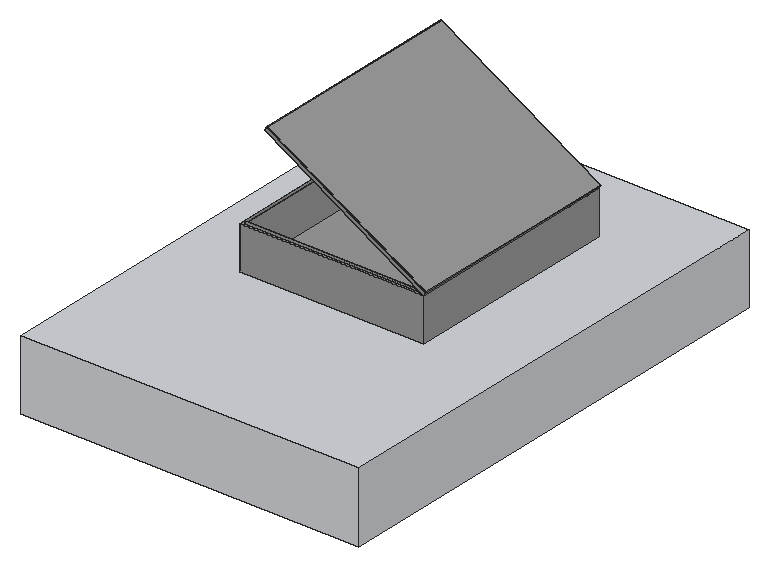
Revit family "Hager-Univers-IP54-D205-H950-Cl.I-Encl-CH-it", category Equipement électrique, Revit 2020
Family settings
  Hôte = Face
  Configuration du panneau = Deux colonnes, circuits au sein
  Cote de connecteur circulaire = Utiliser le diamètre
  Type d'élément = Tableau de raccordement
  Couper avec des vides une fois chargée = Non
  Partagée = Non
  Point de calcul de pièce = Non
Parameters (values of type "A parete IP54 L800 A950 P205  - FP63TW2")
  Width Control [instance] = if([EF000008 - Larghezza] > Min Width, [EF000008 - Larghezza], Min Width)  # 800 mm
  Commentaires du type = [HG000003 - Gamma]  # "Univers"
  Thickness Door [instance] = if([EF009171 - spessore materiale porta/coperchio] > 3 mm, 3 mm, [EF009171 - spessore materiale porta/coperchio])  # 1 mm
  Seal Frame Offset [instance] = 17 mm  # constant formula
  Plinth Visibility [instance] = [HG000027 - Altezza dello zoccolo] > 0 mm  # no
  Model = ""
  Min Width [instance] = 100 mm  # constant formula
  Min Height [instance] = 100 mm  # constant formula
  Min Depth [instance] = (2 * [EF009170 - spessore materiale scatola]) + 1 mm  # 3 mm
  Internal Frame Depth [instance] = (Door System Depth * 0.5)  # 9 mm
  Height Control [instance] = if([EF000040 - Altezza] > Min Height, [EF000040 - Altezza], Min Height)  # 950 mm
  HG000027 - Altezza dello zoccolo = 0 mm
  HG000026 - A pavimento = no
  HG000024 - Altezza della sezione inferiore = 800 mm
  HG000023 - Custodia a doppia sezione = no
  HG000016 - Visibilità delle porte nella vista 3D [instance] = yes
  HG000015 - Visibilità attraverso la porta [instance] = no
  HG000014 - Porta destra [instance] = yes
  HG000013 - Porta sinistra [instance] = not([HG000014 - Porta destra])  # no
  HG000012 - Angolo di apertura della porta [instance] = 30.00°
  HG000010 - Porte asimmetriche = no
  HG000009 - Porta doppia a battente = no
  HG000006 - Ad incasso = no
  HG000004 - Codice produttore = "FP63TW2"
  HG000003 - Gamma = "Univers"
  HG000002 - Con porta = yes
  Frame Offset Bottom [instance] = 10 mm  # constant formula
  Frame Offset [instance] = 15 mm  # constant formula
  EF015940 - Coprire con rilascio di sovrapressione = no
  EF011959 - tipo di protezione (NEMA) = ""
  EF009554 - numero delle aperture per la piastra della flangia = 6
  Fabricant = "Hager"  # constant formula
  EF009212 - esecuzione coperchio = "EV000116 - chiuso"
  EF009171 - spessore materiale porta/coperchio = 1 mm
  EF009170 - spessore materiale scatola = 1 mm
  EF008873 - corrente nominale (In) = 250 A
  EF007800 - adatto per parafulmine = no
  EF006306 - con serratura = no
  EF006244 - coperchio/porta trasparente = no
  EF005474 - grado di protezione (IP) = "EV006419 - IP54"
  EF004464 - tipo di porta = "EV002646 - singolo"
  EF004427 - numero di moduli = 216
  EF004293 - resistenza agli urti = "EV006815 - IK09"
  EF003532 - adatto per uso esterno = no
  EF002950 - Numero moduli DIN = 36
  EF001613 - Integrità del circuito = "EV000494 - senza"
  EF001596 - Attacco Lampada = "EV000179 - acciaio"
  EF001131 - profondità interna = 130 mm
  EF001088 - possibilità di applicazione = yes
  EF000437 - numero di ingressi per conduttori = 6
  EF000339 - tipo di copertura = "EV001012 - coperchio"
  EF000266 - numero di file = 6
  EF000218 - profondità di incasso = 205 mm
  EF000118 - con piastra di montaggio = no
  EF000116 - numero RAL = "9010"
  EF000049 - profondità = 205 mm
  EF000040 - Altezza = 950 mm
  EF000008 - Larghezza = 800 mm
  EF000007 - colore = "EV000202 - bianco"
  EF000003 - Tipo di montaggio = "EV000384 - A parete"
  Door System Leaf Tolerance [instance] = 1.5 mm  # constant formula
  Door System Depth [instance] = 18 mm  # constant formula
  Door Height [instance] = Height Control - [HG000027 - Altezza dello zoccolo]  # 950 mm
  Depth Control [instance] = if([EF000049 - profondità] > Min Depth, [EF000049 - profondità], Min Depth)  # 205 mm
  Default Elevation = 0 mm
  Connector Offset [instance] = Height Control / 2  # 475 mm
  Bottom Top Plate Trim [instance] = 1.5 mm  # constant formula
  Plinth height Ctrl [instance] = if([HG000027 - Altezza dello zoccolo] > 0 mm, [HG000027 - Altezza dello zoccolo], 12 mm)  # 12 mm
Types (5, lengths in mm): name | Width Control | HG000004 - Codice produttore | EF009554 - numero delle aperture per la piastra della flangia | EF004464 - tipo di porta | EF004427 - numero di moduli | EF002950 - Numero moduli DIN | EF000437 - numero di ingressi per conduttori | EF000008 - Larghezza
  A parete IP54 L1050 A950 P205  - FP64TW2 | 1050 | "FP64TW2" | 8 | "EV003602 - doppio" | 288 | 48 | 8 | 1050
  A parete IP54 L1300 A950 P205  - FP65TW2 | 1300 | "FP65TW2" | 10 | "EV003602 - doppio" | 360 | 60 | 10 | 1300
  A parete IP54 L300 A950 P205  - FP61TW2 | 300 | "FP61TW2" | 2 | "EV002646 - singolo" | 72 | 12 | 2 | 300
  A parete IP54 L550 A950 P205  - FP62TW2 | 550 | "FP62TW2" | 4 | "EV002646 - singolo" | 144 | 24 | 4 | 550
  A parete IP54 L800 A950 P205  - FP63TW2 | 800 | "FP63TW2" | 6 | "EV002646 - singolo" | 216 | 36 | 6 | 800
Reference planes
  plane 1 "Center (Front/Back)": y = 0
  plane 2: z = 0
  plane 3 "Center (Left/Right)": x = 0
  plane 4: z = 205
  plane 5: y = 1
  plane 6: y = 475
  plane 7: y = 0
  plane 8: y = 950
  plane 9: z = 0
  plane 10: x = -385
  plane 11: x = 385
  plane 12: x = 384
  plane 13: x = -384
  plane 14: y = 949
  plane 15: x = -383
  plane 16: x = -400
  plane 17: x = 383
  plane 18: x = 400
  plane 19: x = 399
  plane 20: x = -399
  plane 21: y = 11
  plane 22: y = 950
  plane 23: y = 934
  plane 24: z = 187
  plane 25: z = 1
  plane 26: z = 186
  plane 27: z = 204
Forms (mm)
  Extrusion 1, solid
    sketch origin (0, 0, 0) x (1, 0, 0) y (0, 1, 0)
      loop
        line (-702.964, 1305) -> (-702.964, -811.445) -> (766.763, -811.445) -> (766.763, 1305) -> (-702.964, 1305)
    from 0 to -304.8
  Extrusion 2, solid, material "Hager_Steel_RAL7035_Light_Grey", visible <- "Plinth Visibility", detail levels medium+fine
    sketch origin (0, 0, 0) x (1, 0, 0) y (0, 1, 0)
      loop
        line (-400, 0) -> (400, 0) -> (400, 12) -> (-400, 12) -> (-400, 0)
    from 0 to 187
  Extrusion 3, solid, material "Hager_Steel_RAL7035_Light_Grey", detail levels medium+fine
    sketch origin (0, 0, 0) x (1, 0, 0) y (0, 1, 0)
      loop
        line (-400, 0) -> (400, 0) -> (400, 950) -> (-400, 950) -> (-400, 0)
    from 0 to 187
  Extrusion 4, void
    sketch origin (0, 0, 0) x (1, 0, 0) y (0, 1, 0)
      loop
        line (-399, 1) -> (399, 1) -> (399, 949) -> (-399, 949) -> (-399, 1)
    from 1 to 186
  Extrusion 5, void
    sketch origin (-381.607, -4572, 187) x (0, -1, 0) y (-1, 0, 0)
      loop
        line (-4583, 2.393) -> (-5506, 2.393) -> (-5506, -765.607) -> (-4583, -765.607) -> (-4583, 2.393)
    from 0 to 1 <- "EF009170 - spessore materiale scatola"
  Extrusion 6, solid, material "Hager_Steel_RAL7035_Light_Grey", detail levels fine
    sketch origin (0, 0, 187) x (1, 0, 0) y (0, 1, 0)
      loop
        line (-384, 934) -> (-384, 11) -> (384, 11) -> (384, 934) -> (-384, 934)
      loop
        line (-385, 10) -> (385, 10) -> (385, 935) -> (-385, 935) -> (-385, 10)
    from 0 to 9 <- "Internal Frame Depth"
  Extrusion 7, solid, material "Hager_Steel_RAL7035_Light_Grey", detail levels coarse
    sketch origin (0, 0, 0) x (1, 0, 0) y (0, 1, 0)
      loop
        line (-400, 0) -> (400, 0) -> (400, 950) -> (-400, 950) -> (-400, 0)
    from 0 to 205
  Sweep 8, void
    path in 3D
      loop
        line (-400, 12, 0) -> (400, 12, 0) -> (400, 12, 187) -> (-400, 12, 187) -> (-400, 12, 0)
    profile origin (-400, 12, 93.5) x (-1, 0, 0) y (0, -1, 0)
      loop
        line (0, 0) -> (0, 1.5) -> (-1.5, 1.5)
        arc (-1.5, 1.5) -> (-1.061, 0.439) -> (0, 0) r 1.5
Cuts and joins
  Extrusion 4, Extrusion 5 cuts Extrusion 3
  Sweep 8 cuts Extrusion 2
Lines and regions (mm)
  Masking region 1
    outline origin (0, 0, 0) x (1, 0, 0) y (0, 0, 1)
      loop
        line (-400, 205) -> (-400, 0) -> (400, 0) -> (400, 205) -> (-400, 205)
  Masking region 2, detail levels medium+fine
    outline origin (0, 140, 0) x (0, 1, 0) y (0, 0, 1)
      loop
        line (-140, 0) -> (810, 0) -> (810, 187) -> (-140, 187) -> (-140, 0)
  Masking region 3, not visible, detail levels medium+fine
    outline origin (0, 297.922, 0) x (0, 1, 0) y (0, 0, 1)
      loop
        line (188.578, 0) -> (228.578, 0) -> (228.578, 194)
        arc (228.578, 194) -> (225.649, 201.071) -> (218.578, 204) r 10
        line (218.578, 204) -> (188.578, 204) -> (188.578, 0)
  Masking region 4, detail levels coarse
    outline origin (0, 0, 180) x (0, 1, 0) y (0, 0, 1)
      loop
        line (0, -180) -> (950, -180) -> (950, 25) -> (0, 25) -> (0, -180)
  Masking region 5, visible <- "Plinth Visibility", detail levels medium+fine
    outline origin (0, 52.24, 12.345) x (0, 0, -1) y (0, 1, 0)
      loop
        line (10.845, -40.24) -> (-173.155, -40.24)
        arc (-173.155, -40.24) -> (-173.594, -41.301) -> (-174.655, -41.74) r 1.5
        line (-174.655, -41.74) -> (-174.655, -52.24) -> (12.345, -52.24) -> (12.345, -41.74)
        arc (12.345, -41.74) -> (11.285, -41.301) -> (10.845, -40.24) r 1.5
  Masking region 6, detail levels medium+fine
    outline origin (-381.607, -4572, 187) x (-1, 0, 0) y (0, -1, 0)
      loop
        line (18.393, -5522) -> (18.393, -4572) -> (-781.607, -4572) -> (-781.607, -5522) -> (18.393, -5522)
  Masking region 7, visible <- "Plinth Visibility", detail levels medium+fine
    outline origin (-381.607, -4727, 187) x (-1, 0, 0) y (0, -1, 0)
      loop
        arc (16.893, -4739) -> (17.332, -4737.939) -> (18.393, -4737.5) r 1.5
        line (18.393, -4737.5) -> (18.393, -4727) -> (-781.607, -4727) -> (-781.607, -4737.5)
        arc (-781.607, -4737.5) -> (-780.546, -4737.939) -> (-780.107, -4739) r 1.5
        line (-780.107, -4739) -> (16.893, -4739)
  Masking region 8, detail levels coarse
    outline origin (-442.548, -4669.526, 187) x (-1, 0, 0) y (0, -1, 0)
      loop
        line (-42.548, -5619.526) -> (-42.548, -4669.526) -> (-842.548, -4669.526) -> (-842.548, -5619.526) -> (-42.548, -5619.526)
  sketch lines
    curve 1: line (-400, 12, 187) -> (-400, 12, 0)
    curve 2: line (400, 12, 187) -> (-400, 12, 187)
    curve 3: line (400, 12, 187) -> (400, 12, 0)
    curve 4: line (-400, 12, 0) -> (400, 12, 0)
Dimensions and locks
  "Depth Control": plane 4 to Extrusion 1
  "HG000027 - Altezza dello zoccolo": plane 1 "Center (Front/Back)" to plane 7
  "EF009170 - spessore materiale scatola": plane 5 to plane 7
  locked: connector elem to plane 3 "Center (Left/Right)"
  equal spacing: plane 8, plane 6, plane 7
  locked: connector elem to plane 6
  "EF009170 - spessore materiale scatola": plane 8 to plane 14
  "EF009170 - spessore materiale scatola": plane 10 to plane 13
  "EF009170 - spessore materiale scatola": plane 12 to plane 11
  "Frame Offset": plane 20 to plane 13
  "Frame Offset": plane 12 to plane 19
  "EF009170 - spessore materiale scatola": plane 16 to plane 20
  "EF009170 - spessore materiale scatola": plane 19 to plane 18
  "Seal Frame Offset": plane 16 to plane 15
  "Seal Frame Offset": plane 17 to plane 18
  "Frame Offset Bottom": plane 21 to plane 5
  "Frame Offset": plane 14 to plane 23
  equal spacing: plane 16, plane 3 "Center (Left/Right)", plane 18
  "Width Control": plane 16 to plane 18
  "EF009170 - spessore materiale scatola": plane 4 to plane 27
  "EF009170 - spessore materiale scatola": plane 24 to plane 26
  "EF009170 - spessore materiale scatola": plane 25 to level
  "Door System Depth": plane 4 to plane 24
  "Height Control": plane 1 "Center (Front/Back)" to Extrusion 7 sketch curve
  "Height Control": Masking region 4 sketch curve to plane 1 "Center (Front/Back)"
  "Height Control": plane 1 "Center (Front/Back)" to plane 22
  "Bottom Top Plate Trim": profile plane to Sweep 8 sketch curve
  "Bottom Top Plate Trim": Sweep 8 sketch curve to profile plane
  "Plinth height Ctrl": plane 1 "Center (Front/Back)" to Extrusion 2 sketch curve
  "Plinth height Ctrl": Masking region 5 sketch curve to plane 1 "Center (Front/Back)"
  "Plinth height Ctrl": plane 1 "Center (Front/Back)" to Masking region 7 sketch curve
  "Thickness Door": Extrusion 6 sketch curve to Extrusion 6 sketch curve  (x3)
  "Thickness Door": cut or joined group of Extrusion 3, Extrusion 4, Extrusion 5 to Extrusion 6 sketch curve
  radius of Masking region 3 sketch curve = 10 mm
  "Bottom Top Plate Trim": radius of Masking region 5 sketch curve  (x2)
  "Bottom Top Plate Trim": radius of Sweep 8 sketch curve
  "Bottom Top Plate Trim": radius of Masking region 7 sketch curve  (x2)
  aligned and locked: plane 2 to Extrusion 1
  aligned and locked: level to Extrusion 1
  aligned and locked: level to Masking region 1 sketch curve
  aligned and locked: Masking region 1 sketch curve to plane 18
  aligned and locked: Masking region 1 sketch curve to plane 16
  aligned and locked: plane 7 to Masking region 2 sketch curve
  aligned and locked: level to Masking region 3 sketch curve
  aligned and locked: Masking region 3 sketch curve to plane 27
  aligned and locked: level to Masking region 2 sketch curve
  aligned and locked: plane 1 "Center (Front/Back)" to Extrusion 2 sketch curve
  aligned and locked: Extrusion 3 sketch curve to plane 7
  aligned and locked: plane 16 to Extrusion 3 sketch curve
  aligned and locked: plane 18 to Extrusion 3 sketch curve
  aligned and locked: plane 20 to Extrusion 4 sketch curve
  aligned and locked: plane 19 to Extrusion 4 sketch curve
  aligned and locked: Extrusion 4 sketch curve to plane 5
  aligned and locked: Extrusion 4 to plane 25
  aligned and locked: plane 26 to Extrusion 4
  aligned and locked: plane 24 to Extrusion 3
  aligned and locked: Extrusion 5 sketch curve to plane 21
  aligned and locked: Extrusion 5 sketch curve to plane 13
  aligned and locked: Extrusion 5 sketch curve to plane 12
  aligned and locked: plane 18 to Extrusion 7 sketch curve
  aligned and locked: plane 1 "Center (Front/Back)" to Extrusion 7 sketch curve
  aligned and locked: plane 16 to Extrusion 7 sketch curve
  aligned and locked: plane 4 to Extrusion 7
  aligned and locked: Extrusion 7 to level
  aligned and locked: level to Masking region 4 sketch curve
  aligned and locked: Masking region 4 sketch curve to plane 1 "Center (Front/Back)"
  aligned and locked: Masking region 4 sketch curve to plane 4
  aligned and locked: nested 1 to level
  aligned and locked: nested 1 to plane 16
  aligned and locked: plane 8 to Extrusion 3 sketch curve
  aligned and locked: plane 23 to Extrusion 5 sketch curve
  aligned and locked: plane 14 to Extrusion 4 sketch curve
  aligned and locked: Masking region 2 sketch curve to plane 8
  aligned and locked: level to Masking region 5 sketch curve
  aligned and locked: plane 16 to Extrusion 2 sketch curve
  aligned and locked: plane 18 to Extrusion 2 sketch curve
  aligned and locked: Masking region 5 sketch curve to plane 24
  aligned and locked: Masking region 2 sketch curve to plane 24
  aligned and locked: plane 24 to Extrusion 2
  aligned and locked: profile plane to Sweep 8 sketch curve  (x2)
  aligned and locked: Masking region 6 sketch curve to plane 18
  aligned and locked: Masking region 6 sketch curve to plane 22
  aligned and locked: Masking region 6 sketch curve to plane 16
  aligned and locked: plane 8 to plane 22
  aligned and locked: Masking region 6 sketch curve to plane 7
  aligned and locked: Masking region 7 sketch curve to plane 16
  aligned and locked: Masking region 7 sketch curve to plane 1 "Center (Front/Back)"
  aligned and locked: Masking region 7 sketch curve to plane 18
  aligned and locked: Masking region 8 sketch curve to plane 1 "Center (Front/Back)"
  aligned and locked: Masking region 8 sketch curve to plane 18
  aligned and locked: Masking region 8 sketch curve to plane 22
  aligned and locked: Masking region 8 sketch curve to plane 16
  aligned and locked: nested 2 to plane 7
  aligned and locked: plane 3 "Center (Left/Right)" to nested 2
  aligned and locked: nested 2 to plane 24
  aligned and locked: Extrusion 6 sketch curve to cut or joined group of Extrusion 3, Extrusion 4, Extrusion 5  (x4)
Automatic sketch dimensions
  Extrusion 1 sketch curve to Extrusion 1 sketch curve = 1469.727 mm
  Extrusion 1 sketch curve to Extrusion 1 sketch curve = 2116.445 mm
  Masking region 1 sketch curve to plane 4 = 0 mm
  plane 6 to Masking region 3 sketch curve = 11.5 mm
  Masking region 3 sketch curve to Masking region 3 sketch curve = 30 mm
  Masking region 5 sketch curve to plane 1 "Center (Front/Back)" = 0 mm
Nested families
  nested 1: "Hager_Enclosure_Symbol" at (-400, 0, 0) x (1, 0, 0) z (0, -1, 0), Height <- "Depth Control", Width <- "Width Control", type "Hager_Enclosure_Symbol"
    with Width_Ctrl 800 mm, Width 800 mm, Height_Ctrl 205 mm, Height 205 mm, A_Width_Int 13.453 mm, A_Width 161.438 mm, A_Height_Ctrl 179.375 mm, A_Height 179.375 mm
  nested 2: "EC000058_Univers_Door" at (0, 0, 187) x (1, 0, 0) z (0, 1, 0), Leaf_Tolerance <- "Door System Leaf Tolerance", Angle <- "HG000012 - Angolo di apertura della porta", Door_Depth <- "Door System Depth", Door_Left <- "HG000013 - Porta sinistra", Transparent <- "EF006244 - coperchio/porta trasparente", Assymetrical <- "HG000010 - Porte asimmetriche", Width <- "Width Control", Clearance <- "HG000015 - Visibilità attraverso la porta", Double <- "HG000009 - Porta doppia a battente", 3d_Door <- "HG000016 - Visibilità delle porte nella vista 3D", Lock_Visibility <- "EF006306 - con serratura", Width_Ctrl <- "Width Control", Door_Right <- "HG000014 - Porta destra", Door <- "HG000002 - Con porta", Height <- "Door Height", Thickness <- "Thickness Door", type "EC000058_Univers_Door", detail levels medium+fine
    with min_wh 3 mm, Width_Ctrl 800 mm, Width 800 mm, Transparent no, Thickness 1 mm, Seal_Material Hager_Rubber, Lock_Visibility no, Lock_Material Hager_Plastic_RAL9005_Jet_Black, Leaf_Width 800 mm, Leaf_Tolerance_External_Sides 0 mm, Leaf_Tolerance 1.5 mm, Leaf_Offset 0 mm, Leaf_Height 947 mm, Leaf_2_Width 800 mm, Leaf_2_Offset 400 mm, Leaf_1_Width 800 mm, Leaf_1_Offset 400 mm, Height_Ctrl 950 mm, Height 950 mm, Glass_Material Hager_Glass, Double_Clearance_Ctrl no, Double no, Door_Right_Ctrl yes, Door_Right yes, Door_Material Hager_Steel_RAL7035_Light_Grey, Door_Left_Ctrl no, Door_Left no, Door_Depth 18 mm, Door yes, Clearance_Material Hager_Clearance, Clearance_Depth 800 mm, Clearance_Ctrl no, Clearance no, Assymetrical no, Angle 30.00°, 3d_Door yes
Connectors
  electrical at (0, 475, 0)
    settings: on plane 9, index 1, voltage 0 V, apparent load 0 VA, apparent load phase1 0 VA, apparent load phase2 0 VA, apparent load phase3 0 VA, power factor 1, load classification "Other", number of poles 1, system type 30, power factor state 1, is connector primary yes, connector utility no, sub classification motor no, connector description ""
Definition of nested family "EC000058_Univers_Door"
  Parameters (values of type "EC000058_Univers_Door")
    min_wh [instance] = (2 * Thickness) + 1 mm  # 11 mm
    Width_Ctrl [instance] = 400 mm
    Width [instance] = 500 mm
    Transparent [instance] = yes
    Thickness [instance] = 5 mm
    Seal_Material [instance] = none
    Lock_Visibility [instance] = yes
    Lock_Material [instance] = none
    Leaf_Width [instance] = if((Width_Ctrl - 2 * Leaf_Tolerance_External_Sides) > 0 mm, (Width_Ctrl - 2 * Leaf_Tolerance_External_Sides), min_wh)  # 400 mm
    Leaf_Tolerance_External_Sides [instance] = 0 mm  # constant formula
    Leaf_Tolerance [instance] = 1.5 mm
    Leaf_Offset [instance] = 0 mm  # constant formula
    Leaf_Height [instance] = if((Height_Ctrl - 2 * Leaf_Tolerance) > 0 mm, (Height_Ctrl - 2 * Leaf_Tolerance), min_wh)  # 497 mm
    Leaf_2_Width [instance] = if(and(and(Double, Assymetrical), Door_Left), (Leaf_Width / 3) - (Leaf_Tolerance / 2), if(and(and(Double, Assymetrical), Door_Right), (Leaf_Width / 3) * 2 - (Leaf_Tolerance / 2), if(and(Double, not(Assymetrical)), (Leaf_Width / 2) - Leaf_Tolerance, Leaf_Width)))  # 400 mm
    Leaf_2_Offset [instance] = if(and(Double, Assymetrical), Leaf_2_Width / 2, if(and(Double, not(Assymetrical)), Leaf_Width / 4, Leaf_Width / 2))  # 200 mm
    Leaf_1_Width [instance] = if(and(and(Double, Assymetrical), Door_Right), (Leaf_Width / 3) - (Leaf_Tolerance / 2), if(and(and(Double, Assymetrical), Door_Left), (Width / 3) * 2 - (Leaf_Tolerance / 2), if(and(Double, not(Assymetrical)), (Leaf_Width / 2) - Leaf_Tolerance, Leaf_Width)))  # 400 mm
    Leaf_1_Offset [instance] = if(and(Double, Assymetrical), Leaf_1_Width / 2, if(and(Double, not(Assymetrical)), Leaf_Width / 4, Leaf_Width / 2))  # 200 mm
    Height_Ctrl [instance] = if(Height > min_wh, Height, min_wh)  # 500 mm
    Height [instance] = 500 mm
    Glass_Material [instance] = none
    Double_Clearance_Ctrl [instance] = and(Double, Clearance)  # no
    Double [instance] = no
    Door_Right_Ctrl [instance] = and(or(Door_Right, Double), Door)  # yes
    Door_Right [instance] = yes
    Door_Material [instance] = none
    Door_Left_Ctrl [instance] = and(or(Door_Left, Double), Door)  # no
    Door_Left [instance] = no
    Door_Depth [instance] = 30 mm
    Door [instance] = yes
    Default Elevation = 1219.2 mm
    Clearance_Material [instance] = none
    Clearance_Depth [instance] = if(Leaf_1_Width > Leaf_2_Width, Leaf_1_Width, Leaf_2_Width)  # 400 mm
    Clearance_Ctrl [instance] = and(not(Double), Clearance)  # yes
    Clearance [instance] = yes
    Assymetrical [instance] = yes
    Angle [instance] = 30.00°
    3d_Door [instance] = yes
  Reference planes
    plane 1 "Center (Front/Back)": y = 0
    plane 2 "Bottom": z = 0
    plane 3 "Center (Left/Right)": x = 0
    plane 4: z = 500
    plane 5: x = -200
    plane 6: x = 200
    plane 7: z = 500
    plane 8: x = -200
    plane 9: z = 0
    plane 10: x = 200
    plane 11: y = 0
    plane 12: z = 1.5
    plane 13: x = -600
    plane 14: y = -400
    plane 15: x = 600
    plane 16: x = 0
    plane 17: x = 0
    plane 18: x = -200
    plane 19: x = 200
    plane 20: z = 498.5
  Forms (mm)
    Extrusion 1, solid, material <- "Clearance_Material", visible <- "Double_Clearance_Ctrl"
      sketch origin (1200, 0, 0) x (1, 0, 0) y (0, 0, -1)
        loop
          line (-1800, -498.5) -> (-600, -498.5) -> (-600, 0) -> (-1800, 0) -> (-1800, -498.5)
      from 0 to -400
  Dimensions and locks
    equal spacing: plane 5, plane 3 "Center (Left/Right)", plane 6
    "Width_Ctrl": plane 5 to plane 6
    "Leaf_Offset": plane 5 to plane 8
    "Leaf_Offset": plane 6 to plane 10
    "Leaf_Offset": plane 9 to level
    "Leaf_Offset": plane 4 to plane 7
    "Height_Ctrl": plane 4 to level
    "Leaf_Tolerance": plane 12 to plane 9
    locked: plane 11 to plane 1 "Center (Front/Back)"
    "Leaf_1_Offset": plane 18 to plane 16
    "Leaf_2_Offset": plane 17 to plane 19
    "Leaf_1_Width": plane 13 to plane 8
    "Leaf_2_Width": plane 10 to plane 15
    "Clearance_Depth": plane 14 to plane 1 "Center (Front/Back)"
    "Leaf_Tolerance_External_Sides": plane 8 to plane 18
    "Leaf_Tolerance_External_Sides": plane 19 to plane 10
    "Leaf_Tolerance": plane 7 to plane 20
    aligned and locked: level to plane 2 "Bottom"
    aligned and locked: nested 1 to plane 16
    aligned and locked: nested 2 to plane 17
    aligned and locked: Extrusion 1 to plane 13
    aligned and locked: plane 15 to Extrusion 1
    aligned and locked: Extrusion 1 to plane 14
    aligned and locked: plane 12 to nested 1
    aligned and locked: nested 2 to plane 12
    aligned and locked: Extrusion 1 to plane 11
    aligned and locked: plane 20 to Extrusion 1
    aligned and locked: nested 2 to plane 11
    aligned and locked: nested 1 to plane 11
  Automatic sketch dimensions
    Extrusion 1 sketch curve to level = 0 mm
    plane 5 to Extrusion 1 sketch curve = 400 mm
    plane 6 to Extrusion 1 sketch curve = 400 mm
    Extrusion 1 sketch curve to plane 4 = 1.5 mm
  Nested families
    nested 1: "EC000058_Univers_Door_Leaf" at (0, 0, 1.5), Width <- "Leaf_1_Width", visible <- "Door_Left_Ctrl", Leaf_Height <- "Leaf_Height", Angle <- "Angle", 3d_Door <- "3d_Door", Transparent <- "Transparent", Clearance Material <- "Clearance_Material", Clearance <- "Clearance_Ctrl", Door_Material <- "Door_Material", Glass_Material <- "Glass_Material", Door_Depth <- "Door_Depth", Lock_Material <- "Lock_Material", Seal_Material <- "Seal_Material", Lock_Visibility <- "Lock_Visibility", Thickness <- "Thickness", type "EC000058_Univers_Door_Leaf"
      with Width 400 mm, Transparent_Glass_Offset 30 mm, Transparent_Ctrl yes, Transparent yes, Thickness 5 mm, Standard no, Seal_Material none, Seal_D2 8 mm, Seal_D1 1 mm, Offset_Internal_Frame 10 mm, Lock_Width 20 mm, Lock_Visibility_3d yes, Lock_Visibility yes, Lock_Thickness_3 3 mm, Lock_Thickness_2 1 mm, Lock_Thickness_1 3 mm, Lock_Radius_Offset_2 16 mm, Lock_Radius_Offset_1 15 mm, Lock_Radius_2 5 mm, Lock_Radius 6 mm, Lock_Offset 5 mm, Lock_Material none, Lock_Height 80 mm, Lock_Cover_Top_Offset_2d 17 mm, Lock_Cover_Height -65 mm, Leaf_Height 497 mm, Internal_Seal_Thickness 8 mm, Internal_Seal_Depth_2 4.5 mm, Internal_Frame_Depth 25 mm, Glass_Thickness -1 mm, Glass_Offset -2 mm, Glass_Material none, Door_Material none, Door_Depth 30 mm, Clearance Material none, Clearance yes, Angle_Ctrl 30.00°, Angle 30.00°, 3d_Door yes
    nested 2: "EC000058_Univers_Door_Leaf" at (0, 0, 1.5) x (-1, 0, 0) z (0, 0, 1), Width <- "Leaf_2_Width", visible <- "Door_Right_Ctrl", Leaf_Height <- "Leaf_Height", Angle <- "Angle", 3d_Door <- "3d_Door", Transparent <- "Transparent", Clearance Material <- "Clearance_Material", Clearance <- "Clearance_Ctrl", Door_Material <- "Door_Material", Glass_Material <- "Glass_Material", Door_Depth <- "Door_Depth", Lock_Material <- "Lock_Material", Seal_Material <- "Seal_Material", Lock_Visibility <- "Lock_Visibility", Thickness <- "Thickness", type "EC000058_Univers_Door_Leaf"
      with Width 400 mm, Transparent_Glass_Offset 30 mm, Transparent_Ctrl yes, Transparent yes, Thickness 5 mm, Standard no, Seal_Material none, Seal_D2 8 mm, Seal_D1 1 mm, Offset_Internal_Frame 10 mm, Lock_Width 20 mm, Lock_Visibility_3d yes, Lock_Visibility yes, Lock_Thickness_3 3 mm, Lock_Thickness_2 1 mm, Lock_Thickness_1 3 mm, Lock_Radius_Offset_2 16 mm, Lock_Radius_Offset_1 15 mm, Lock_Radius_2 5 mm, Lock_Radius 6 mm, Lock_Offset 5 mm, Lock_Material none, Lock_Height 80 mm, Lock_Cover_Top_Offset_2d 17 mm, Lock_Cover_Height -65 mm, Leaf_Height 497 mm, Internal_Seal_Thickness 8 mm, Internal_Seal_Depth_2 4.5 mm, Internal_Frame_Depth 25 mm, Glass_Thickness -1 mm, Glass_Offset -2 mm, Glass_Material none, Door_Material none, Door_Depth 30 mm, Clearance Material none, Clearance yes, Angle_Ctrl 30.00°, Angle 30.00°, 3d_Door yes
  Definition of nested family "EC000058_Univers_Door_Leaf"
    Parameters (values of type "EC000058_Univers_Door_Leaf")
      Width [instance] = 2000 mm
      Transparent_Glass_Offset [instance] = 30 mm
      Transparent_Ctrl [instance] = and(Transparent, [3d_Door])  # yes
      Transparent [instance] = yes
      Thickness [instance] = 5 mm
      Standard [instance] = and(not(Transparent), [3d_Door])  # no
      Seal_Material [instance] = none
      Seal_D2 [instance] = 8 mm  # constant formula
      Seal_D1 [instance] = 1 mm  # constant formula
      Offset_Internal_Frame [instance] = 10 mm  # constant formula
      Lock_Width [instance] = 20 mm  # constant formula
      Lock_Visibility_3d [instance] = and(Lock_Visibility, [3d_Door])  # yes
      Lock_Visibility [instance] = yes
      Lock_Thickness_3 [instance] = 3 mm  # constant formula
      Lock_Thickness_2 [instance] = 1 mm  # constant formula
      Lock_Thickness_1 [instance] = 3 mm  # constant formula
      Lock_Radius_Offset_2 [instance] = Lock_Radius_Offset_1 + 1 mm  # 16 mm
      Lock_Radius_Offset_1 [instance] = 15 mm  # constant formula
      Lock_Radius_2 [instance] = Lock_Radius - 1 mm  # 5 mm
      Lock_Radius [instance] = 6 mm  # constant formula
      Lock_Offset [instance] = 5 mm  # constant formula
      Lock_Material [instance] = none
      Lock_Height [instance] = 80 mm  # constant formula
      Lock_Cover_Top_Offset_2d [instance] = Lock_Radius_Offset_2 + 1 mm  # 17 mm
      Lock_Cover_Height [instance] = -(Lock_Height - Lock_Radius_Offset_1)  # -65 mm
      Leaf_Height [instance] = 2720.336 mm
      Internal_Seal_Thickness [instance] = 8 mm  # constant formula
      Internal_Seal_Depth_2 [instance] = 4.5 mm  # constant formula
      Internal_Frame_Depth [instance] = if(Door_Depth - Thickness > 5 mm, Door_Depth - Thickness, 5 mm)  # 25 mm
      Glass_Thickness [instance] = if(Thickness > 15 mm, Glass_Offset + 10 mm, -1 mm)  # -1 mm
      Glass_Offset [instance] = if(Thickness > 15 mm, -(Thickness + 10 mm) / 2, -2 mm)  # -2 mm
      Glass_Material [instance] = none
      Door_Material [instance] = none
      Door_Depth [instance] = 30 mm
      Default Elevation = 0 mm
      Clearance Material [instance] = none
      Clearance [instance] = yes
      Angle_Ctrl [instance] = if(Angle > 180.00°, 180.00°, Angle)  # 90.00°
      Angle [instance] = 90.00°
      3d_Door [instance] = yes
    Reference planes
      plane 1 "Center (Front/Back)": y = 0
      plane 2: z = 0
      plane 3 "Center (Left/Right)": x = 0
      plane 4: y = 2000
      plane 5: x = -1000
      plane 6: x = 1000
      plane 7: x = -3000
      plane 8: z = 2720.336
      plane 9: z = 30
      plane 10: z = 2690.336
      plane 11: x = 970
      plane 12: x = -970
      plane 13: y = -3
      plane 14: z = 107.833
      plane 15: y = -5
      plane 16: y = -223.314
      plane 17: x = -1000
      plane 18: z = 1360.168
      plane 19: y = 30
    Forms (mm)
      Extrusion 1, solid, material <- "Clearance Material", visible <- "Clearance"
        sketch origin (0, 0, 0) x (1, 0, 0) y (0, 0, 1)
          loop
            line (-3000, 2720.336) -> (-3000, 0) -> (1000, 0) -> (1000, 2720.336) -> (-3000, 2720.336)
        from 0 to -2000
      Extrusion 2, solid, material <- "Door_Material", visible <- "Standard", detail levels medium+fine
        sketch origin (-1000, 0, 0) x (0, 1, 0) y (-1, 0, 0)
          loop
            line (0, 30) -> (0, 25) -> (2000, 25) -> (2000, 30) -> (0, 30)
        from 0 to 2720.336 <- "Leaf_Height"
      Extrusion 3, solid, material <- "Door_Material", visible <- "Transparent_Ctrl", detail levels medium+fine
        sketch origin (-1000, 0, 0) x (0, 1, 0) y (-1, 0, 0)
          loop
            line (0, 25) -> (2000, 25) -> (2000, 30) -> (0, 30) -> (0, 25)
        from 0 to 2720.336 <- "Leaf_Height"
      Extrusion 4, void
        sketch origin (-1025, 2000, 0) x (0, 1, 0) y (0, 0, -1)
          loop
            line (-30, -2690.336) -> (-30, -30) -> (-1970, -30) -> (-1970, -2690.336) -> (-30, -2690.336)
        from 0 to 5 <- "Thickness"
      Sweep 5, solid, material <- "Seal_Material", visible <- "Transparent_Ctrl", detail levels fine
        path in 3D
          loop
            line (-1025, 30, 30) -> (-1025, 30, 2690.336) -> (-1025, 1970, 2690.336) -> (-1025, 1970, 30) -> (-1025, 30, 30)
        profile origin (-1025, 1000, 30) x (1, 0, 0) y (0, 0, 1)
          loop
            line (0, 0) -> (0, -8) -> (1, -8) -> (1, 0) -> (0, 0)
      Extrusion 6, solid, material <- "Glass_Material", visible <- "Transparent_Ctrl", detail levels medium+fine
        sketch origin (-1030, 0, 0) x (0, 1, 0) y (0, 0, -1)
          loop
            line (1970, -2690.336) -> (1970, -30) -> (30, -30) -> (30, -2690.336) -> (1970, -2690.336)
        from -2 <- "Glass_Offset" to -1 <- "Glass_Thickness"
      Extrusion 7, solid, material <- "Door_Material", visible <- "3d_Door", detail levels medium+fine
        sketch origin (-1025, 2000, 0) x (0, -1, 0) y (0, 0, -1)
          loop
            line (0, -2720.336) -> (2000, -2720.336) -> (2000, 0) -> (0, 0) -> (0, -2720.336)
          loop
            line (1995, -5) -> (5, -5) -> (5, -2715.336) -> (1995, -2715.336) -> (1995, -5)
        from 0 to 25 <- "Internal_Frame_Depth"
      Sweep 8, solid, material <- "Seal_Material", visible <- "Transparent_Ctrl", detail levels fine
        path in 3D
          loop
            line (-1025, 0, 0) -> (-1025, 2000, 0) -> (-1025, 2000, 2720.336) -> (-1025, 0, 2720.336) -> (-1025, 0, 0)
        profile origin (-1025, 0, 1360.168) x (1, 0, 0) y (0, 1, 0)
          loop
            line (0, 10) -> (2.975, 10)
            arc (2.975, 10) -> (4.053, 10.447) -> (4.5, 11.525) r 1.525
            line (4.5, 11.525) -> (4.5, 16.527)
            arc (4.5, 16.527) -> (4.069, 17.569) -> (3.027, 18) r 1.473
            line (3.027, 18) -> (0, 18) -> (0, 10)
      Extrusion 9, solid, material <- "Lock_Material", visible <- "Lock_Visibility_3d", detail levels fine
        sketch origin (-1030, 0, 0) x (0, 1, 0) y (0, 0, -1)
          loop
            arc (1993.5, -1400.168) -> (1994.561, -1399.729) -> (1995, -1398.668) r 1.5
            line (1995, -1398.668) -> (1995, -1320.168) -> (1975, -1320.168) -> (1975, -1398.668)
            arc (1975, -1398.668) -> (1975.439, -1399.729) -> (1976.5, -1400.168) r 1.5
            line (1976.5, -1400.168) -> (1993.5, -1400.168)
        from 3 <- "Lock_Thickness_1" to 0
      Blend 10, solid, material <- "Lock_Material", visible <- "Lock_Visibility_3d", detail levels fine
        base sketch origin (-1033, 0, 0) x (0, 1, 0) y (0, 0, -1)
          loop
            line (1975, -1320.168) -> (1975, -1398.668)
            arc (1975, -1398.668) -> (1975.439, -1399.729) -> (1976.5, -1400.168) r 1.5
            line (1976.5, -1400.168) -> (1993.5, -1400.168)
            arc (1993.5, -1400.168) -> (1994.561, -1399.729) -> (1995, -1398.668) r 1.5
            line (1995, -1398.668) -> (1995, -1320.168) -> (1975, -1320.168)
        top sketch origin (-1033, 0, 0) x (0, 1, 0) y (0, 0, -1)
          loop
            line (1976, -1320.168) -> (1976, -1398.668)
            arc (1976, -1398.668) -> (1976.146, -1399.022) -> (1976.5, -1399.168) r 0.5
            line (1976.5, -1399.168) -> (1993.5, -1399.168)
            arc (1993.5, -1399.168) -> (1993.854, -1399.022) -> (1994, -1398.668) r 0.5
            line (1994, -1398.668) -> (1994, -1320.168) -> (1976, -1320.168)
        from 0 to 1 <- "Lock_Thickness_2"
      Blend 11, solid, material <- "Lock_Material", visible <- "Lock_Visibility_3d", detail levels fine
        base sketch origin (-1034, 0, 0) x (0, 1, 0) y (0, 0, -1)
          loop
            line (1978, -1320.168) -> (1978, -1384.168)
            arc (1978, -1384.168) -> (1985, -1391.168) -> (1992, -1384.168) r 7
            line (1992, -1384.168) -> (1992, -1320.168) -> (1978, -1320.168)
        top sketch origin (-1034, 0, 0) x (0, 1, 0) y (0, 0, -1)
          loop
            line (1991, -1320.168) -> (1979, -1320.168) -> (1979, -1383.168)
            arc (1979, -1383.168) -> (1985, -1389.168) -> (1991, -1383.168) r 6
            line (1991, -1383.168) -> (1991, -1320.168)
        from 0 to 3 <- "Lock_Thickness_3"
      Extrusion 12, solid, material <- "Lock_Material", visible <- "Lock_Visibility_3d", detail levels fine
        sketch origin (-1030, 1975, 1320.168) x (1, 0, 0) y (0, -1, 0)
          loop
            line (-7, -19) -> (-7, -1) -> (0, -1) -> (0, 0) -> (-8, 0) -> (-8, -20) -> (0, -20) -> (0, -19) -> (-7, -19)
        from 0 to -65 <- "Lock_Cover_Height"
      Extrusion 13, void
        sketch origin (-1038, 1995, 1320.168) x (-1, 0, 0) y (0, 0, -1)
          loop
            line (-5, -65) -> (0, -65) -> (-5, -60) -> (-5, -65)
        from 0 to 20 <- "Lock_Width"
      Extrusion 14, void
        sketch origin (-1038, 1975, 1320.168) x (0, -1, 0) y (0, 0, -1)
          loop
            circle (-10, -15.995) r 6
          loop
            circle (-10, -15.995) r 5
        from 0 to 2
      Extrusion 15, solid, material <- "Lock_Material", visible <- "Lock_Visibility_3d", detail levels medium
        sketch origin (-1030, 0, 0) x (0, 1, 0) y (0, 0, -1)
          loop
            arc (1993.5, -1400.168) -> (1994.561, -1399.729) -> (1995, -1398.668) r 1.5
            line (1995, -1398.668) -> (1995, -1320.168) -> (1975, -1320.168) -> (1975, -1398.668)
            arc (1975, -1398.668) -> (1975.439, -1399.729) -> (1976.5, -1400.168) r 1.5
            line (1976.5, -1400.168) -> (1993.5, -1400.168)
        from 8 to 0
    Cuts and joins
      Extrusion 4 cuts Extrusion 3
      Extrusion 13, Extrusion 14 cuts Extrusion 9
      Extrusion 14 cuts Blend 11
      Extrusion 13, Extrusion 14 cuts Extrusion 12
      joined: Extrusion 9, Blend 10, Blend 11, Extrusion 12
      Extrusion 14 cuts Extrusion 15
    Lines and regions (mm)
      Masking region 1, visible <- "Lock_Visibility", detail levels fine
        outline origin (0, 0, 0) x (0, 1, 0) y (0, 0, 1)
          loop
            line (30, 1320.168) -> (33, 1320.168) -> (33, 1400.168) -> (30, 1400.168) -> (30, 1320.168)
      Masking region 2, visible <- "Lock_Visibility", detail levels fine
        outline origin (0, 3.143, 0) x (0, 1, 0) y (0, 0, 1)
          loop
            line (29.857, 1354.168) -> (30.857, 1354.168) -> (30.857, 1366.168) -> (29.857, 1366.168) -> (29.857, 1354.168)
      Masking region 3, detail levels medium+fine
        outline origin (0, 0, 0) x (0, 1, 0) y (0, 0, 1)
          loop
            line (0, 0) -> (30, 0) -> (30, 2720.336) -> (0, 2720.336) -> (0, 0)
      Masking region 4, detail levels medium+fine
        outline origin (0, 0, 0) x (1, 0, 0) y (0, 0, 1)
          loop
            line (-1000, 2720.336) -> (-1000, 0) -> (1000, 0) -> (1000, 2720.336) -> (-1000, 2720.336)
      Masking region 5, visible <- "Lock_Visibility", detail levels fine
        outline origin (-47.116, 0, 0) x (1, 0, 0) y (0, 0, 1)
          loop
            arc (1024.616, 1399.168) -> (1023.556, 1398.729) -> (1023.116, 1397.668) r 1.5
            line (1023.116, 1397.668) -> (1023.116, 1320.168) -> (1041.116, 1320.168) -> (1041.116, 1397.668)
            arc (1041.116, 1397.668) -> (1040.677, 1398.729) -> (1039.616, 1399.168) r 1.5
            line (1039.616, 1399.168) -> (1024.616, 1399.168)
      Masking region 6, visible <- "Lock_Visibility", detail levels medium+fine
        outline origin (-25, 0, 0) x (1, 0, 0) y (0, 0, 1)
          loop
            arc (1001.5, 1400.168) -> (1000.439, 1399.729) -> (1000, 1398.668) r 1.5
            line (1000, 1398.668) -> (1000, 1320.168) -> (1020, 1320.168) -> (1020, 1398.668)
            arc (1020, 1398.668) -> (1019.561, 1399.729) -> (1018.5, 1400.168) r 1.5
            line (1018.5, 1400.168) -> (1001.5, 1400.168)
      Masking region 7, visible <- "Lock_Visibility", detail levels fine
        outline origin (-73.735, 0, 0) x (1, 0, 0) y (0, 0, 1)
          loop
            line (1051.735, 1382.168) -> (1065.735, 1382.168) -> (1065.735, 1384.168)
            arc (1065.735, 1384.168) -> (1058.735, 1391.168) -> (1051.735, 1384.168) r 7
            line (1051.735, 1384.168) -> (1051.735, 1382.168)
      Masking region 8, visible <- "Lock_Visibility", detail levels fine
        outline origin (-73.735, 0, 0) x (1, 0, 0) y (0, 0, 1)
          loop
            line (1052.735, 1382.168) -> (1064.735, 1382.168) -> (1064.735, 1383.168)
            arc (1064.735, 1383.168) -> (1058.735, 1389.168) -> (1052.735, 1383.168) r 6
            line (1052.735, 1383.168) -> (1052.735, 1382.168)
      Masking region 9, visible <- "Lock_Visibility", detail levels fine
        outline origin (-25, 0, 0) x (1, 0, 0) y (0, 0, 1)
          loop
            line (1020, 1320.168) -> (1020, 1382.168) -> (1000, 1382.168) -> (1000, 1320.168) -> (1020, 1320.168)
      Masking region 10, detail levels medium+fine
        outline origin (0, 0, 0) x (1, 0, 0) y (0, 0, 1)
          loop
            circle (985, 1335.144) r 6
      Masking region 11, detail levels fine
        outline origin (0, 0, 0) x (1, 0, 0) y (0, 0, 1)
          loop
            circle (985, 1335.144) r 5
      Masking region 12, visible <- "Lock_Visibility", detail levels fine
        outline origin (0, 12.767, 0) x (0, 1, 0) y (0, 0, 1)
          loop
            line (20.233, 1320.168) -> (21.233, 1320.168) -> (21.233, 1399.168) -> (20.233, 1400.168) -> (20.233, 1320.168)
      Masking region 13, visible <- "Lock_Visibility", detail levels fine
        outline origin (0, 13.767, -10) x (0, 1, 0) y (0, 0, 1)
          loop
            line (20.233, 1330.168) -> (23.233, 1330.168) -> (23.233, 1399.168) -> (20.233, 1402.168) -> (20.233, 1330.168)
      Masking region 14, visible <- "Lock_Visibility", detail levels fine
        outline origin (0, 12.767, -10) x (0, 1, 0) y (0, 0, 1)
          loop
            line (20.233, 1330.168) -> (25.233, 1330.168) -> (25.233, 1399.305) -> (20.233, 1394.305) -> (20.233, 1330.168)
      Masking region 15, visible <- "Lock_Visibility", detail levels medium
        outline origin (0, 0, 0) x (0, 1, 0) y (0, 0, 1)
          loop
            line (30, 1320.168) -> (38, 1320.168) -> (38, 1400.168) -> (30, 1400.168) -> (30, 1320.168)
      Masking region 16, visible <- "Lock_Visibility", detail levels fine
        outline origin (-1000, 0, 0) x (0, 1, 0) y (-1, 0, 0)
          loop
            line (1975, 30) -> (1995, 30) -> (1995, 38) -> (1975, 38) -> (1975, 30)
          loop
            line (1979, 37) -> (1976, 37) -> (1976, 34) -> (1978, 34) -> (1979, 37)
          loop
            line (1994, 37) -> (1991, 37) -> (1992, 34) -> (1994, 34) -> (1994, 37)
      Masking region 17, visible <- "Lock_Visibility", detail levels medium
        outline origin (-1000, 0, 0) x (0, 1, 0) y (-1, 0, 0)
          loop
            line (1975, 30) -> (1995, 30) -> (1995, 38) -> (1975, 38) -> (1975, 30)
      symbolic lines
        curve 1: line (1000, 0, 0) -> (-3000, 0, 0)
        curve 2: arc (1000, 0, 0) -> (-1000, 2000, 0) -> (-3000, 0, 0) r 2000
        curve 4: line (-1030, 0, 0) -> (-1030, 2000, 0)
      reference lines
        curve 3: line (-1000, 0, 0) -> (-1000, 2000, 0)
      symbolic lines, detail levels medium+fine
        curve 5: line (-1030, 2000, 0) -> (-1025, 2000, 0)
        curve 7: line (-1025, 0, 0) -> (-1030, 0, 0)
        curve 8: line (-1025, 0, 0) -> (-1000, 0, 0)
        curve 9: line (-1000, 0, 0) -> (-1000, 2000, 0)
        curve 10: line (-1000, 2000, 0) -> (-1025, 2000, 0)
      symbolic lines, detail levels fine
        curve 6: line (-1025, 2000, 0) -> (-1025, 0, 0)
      sketch lines
        curve 11: line (-1025, 0, 2720.336) -> (-1025, 0, 0)
        curve 12: line (-1025, 2000, 0) -> (-1025, 0, 0)
        curve 13: line (-1025, 2000, 2720.336) -> (-1025, 2000, 0)
        curve 14: line (-1025, 0, 2720.336) -> (-1025, 2000, 2720.336)
        curve 15: line (-1025, 1970, 30) -> (-1025, 30, 30)
        curve 16: line (-1025, 30, 30) -> (-1025, 30, 2690.336)
        curve 17: line (-1025, 1970, 2690.336) -> (-1025, 1970, 30)
        curve 18: line (-1025, 30, 2690.336) -> (-1025, 1970, 2690.336)
      symbolic lines, visible <- "Transparent", detail levels medium+fine
        curve 19: line (-970, 0, 2690.336) -> (970, 0, 2690.336)
        curve 20: line (-970, 0, 30) -> (-970, 0, 2690.336)
        curve 21: line (970, 0, 30) -> (-970, 0, 30)
        curve 22: line (970, 0, 2690.336) -> (970, 0, 30)
    Dimensions and locks
      "Width": plane 1 "Center (Front/Back)" to plane 4
      equal spacing: plane 5, plane 3 "Center (Left/Right)", plane 6
      "Width": plane 5 to plane 6
      "Width": plane 7 to plane 5
      "Leaf_Height": plane 8 to level
      "Width": curve 5 to curve 3
      "Width": curve 3 to curve 3
      plane 8 to plane 10 = 30 mm
      plane 9 to level = 30 mm
      plane 12 to plane 5 = 30 mm
      plane 6 to plane 11 = 30 mm
      Extrusion 1 to Extrusion 4 sketch curve = 30 mm
      "Transparent_Glass_Offset": curve 3 to Extrusion 4 sketch curve
      "Transparent_Glass_Offset": Extrusion 4 sketch curve to cut or joined group of Extrusion 3, Extrusion 4  (x2)
      cut or joined group of Extrusion 3, Extrusion 4 to Extrusion 6 sketch curve = 30 mm
      "Transparent_Glass_Offset": cut or joined group of Extrusion 3, Extrusion 4 to Extrusion 4 sketch curve
      "Thickness": curve 6 to curve 4
      "Thickness": Extrusion 7 sketch curve to Extrusion 7 sketch curve  (x4)
      "Door_Depth": curve 4 to curve 3
      "Offset_Internal_Frame": profile plane to Sweep 8 sketch curve
      "Internal_Seal_Thickness": Sweep 8 sketch curve to Sweep 8 sketch curve
      "Internal_Seal_Depth_2": profile plane to Sweep 8 sketch curve
      "Seal_D1": profile plane to Sweep 5 sketch curve
      "Seal_D2": profile plane to Sweep 5 sketch curve
      "Thickness": Extrusion 2 sketch curve to Extrusion 2 sketch curve
      equal spacing: Extrusion 9 sketch curve, plane 18, Extrusion 9 sketch curve  (x2)
      equal spacing: Masking region 1 sketch curve, plane 18, Masking region 1 sketch curve
      "Lock_Height": Masking region 1 sketch curve to Masking region 1 sketch curve
      "Lock_Radius": Masking region 2 sketch curve to plane 18 to Masking region 2 sketch curve
      Masking region 2 sketch curve to Masking region 1 = 1 mm
      "Door_Depth": plane 19 to plane 1 "Center (Front/Back)"
      "Lock_Thickness_1": Masking region 1 sketch curve to plane 19
      "Lock_Width": Extrusion 9 sketch curve to Extrusion 9 sketch curve
      "Lock_Height": Extrusion 9 sketch curve to Extrusion 9 sketch curve
      "Lock_Offset": cut or joined group of Extrusion 3, Extrusion 4 to Extrusion 9 sketch curve
      equal spacing: plane 8, plane 18, level
      "Lock_Radius_Offset_1": Blend 11 sketch curve to Blend 10
      locked: Blend 10 to Blend 11 sketch curve at 2  (x2)
      locked: var sketch to Blend 11 sketch curve at 1  (x2)
      "Lock_Radius_Offset_2": Blend 11 sketch curve to Blend 10
      locked: Extrusion 12 sketch curve to Extrusion 12 sketch curve at 1  (x3)
      Masking region 6 sketch curve to Masking region 6 sketch curve = 80 mm
      "Lock_Height": Masking region 6 sketch curve to Masking region 6 sketch curve
      "Lock_Width": Masking region 6 sketch curve to Masking region 6 sketch curve
      locked: Masking region 6 to Masking region 5 sketch curve at 1  (x3)
      locked: Masking region 5 to Masking region 7 sketch curve at 2  (x2)
      "Lock_Radius_Offset_1": Masking region 5 to Masking region 7 sketch curve
      "Lock_Radius_Offset_2": Masking region 5 to Masking region 8 sketch curve
      locked: Masking region 7 to Masking region 8 sketch curve at 1  (x2)
      "Lock_Cover_Top_Offset_2d": Masking region 5 to Masking region 9 sketch curve
      equal spacing: Masking region 9, Masking region 10 sketch curve, Masking region 9
      equal spacing: Masking region 9, Masking region 11 sketch curve, Masking region 9
      Extrusion 15 sketch curve to Extrusion 15 sketch curve = 80 mm
      "Lock_Width": Extrusion 15 sketch curve to Extrusion 15 sketch curve
      "Lock_Height": Extrusion 15 sketch curve to Extrusion 15 sketch curve
      equal spacing: Extrusion 15 sketch curve, plane 18, Extrusion 15 sketch curve
      "Lock_Thickness_3": Masking region 13 sketch curve to Masking region 13 sketch curve
      "Lock_Height": Masking region 12 sketch curve to Masking region 12 sketch curve
      locked: Masking region 13 sketch curve to Masking region 1 at 8
      locked: Masking region 14 sketch curve to Masking region 13 at 1
      locked: Masking region 14 sketch curve to Masking region 1 at 10.863
      "Lock_Height": Masking region 15 sketch curve to Masking region 15 sketch curve
      "Lock_Offset": Extrusion 15 sketch curve to cut or joined group of Extrusion 3, Extrusion 4
      "Lock_Offset": plane 6 to Masking region 6 sketch curve
      radius of Sweep 8 sketch curve = 1.525 mm
      radius of Sweep 8 sketch curve = 1.473 mm
      radius of Extrusion 9 sketch curve = 1.5 mm  (x2)
      "Lock_Radius": radius of Extrusion 14 sketch curve
      "Lock_Radius_2": radius of Extrusion 14 sketch curve
      "Lock_Radius": radius of Masking region 10 sketch curve
      "Lock_Radius_2": radius of Masking region 11 sketch curve
      radius of Extrusion 15 sketch curve = 1.5 mm  (x2)
      "Angle_Ctrl": angle plane 1 "Center (Front/Back)" to curve 3
      locked: Masking region 12 sketch curve to Masking region 12 sketch curve (angle 45.00°)
      locked: Masking region 13 sketch curve to Masking region 13 sketch curve (angle 45.00°)
      locked: Masking region 14 sketch curve to Masking region 14 sketch curve (angle 45.00°)
      aligned and locked: level to plane 2
      aligned and locked: Extrusion 1 to curve 1
      aligned and locked: plane 6 to Extrusion 1
      aligned and locked: Extrusion 1 to plane 1 "Center (Front/Back)"
      aligned and locked: plane 4 to Extrusion 1
      aligned and locked: plane 8 to Extrusion 1
      aligned and locked: curve 7 to Extrusion 2 sketch curve
      aligned and locked: curve 5 to Extrusion 2 sketch curve
      aligned and locked: curve 7 to Extrusion 3 sketch curve
      aligned and locked: Extrusion 3 sketch curve to curve 4
      aligned and locked: Extrusion 3 sketch curve to curve 6
      aligned and locked: Extrusion 3 sketch curve to curve 5
      aligned and locked: curve 9 to curve 3
      aligned and locked: Extrusion 7 sketch curve to cut or joined group of Extrusion 3, Extrusion 4  (x4)
      aligned and locked: plane 17 to curve 3
      aligned and locked: plane 1 "Center (Front/Back)" to curve 3
      aligned and locked: plane 17 to plane 5
      aligned and locked: Sweep 8 sketch curve to profile plane
      aligned and locked: Sweep 5 sketch curve to profile plane  (x2)
      aligned and locked: Masking region 1 to Masking region 2 sketch curve
      aligned and locked: plane 19 to Masking region 1 sketch curve
      aligned and locked: plane 1 "Center (Front/Back)" to Masking region 3 sketch curve
      aligned and locked: plane 19 to Masking region 3 sketch curve
      aligned and locked: level to Masking region 3 sketch curve
      aligned and locked: Masking region 3 sketch curve to plane 8
      aligned and locked: plane 17 to Masking region 4 sketch curve
      aligned and locked: level to Masking region 4 sketch curve
      aligned and locked: Masking region 4 sketch curve to plane 8
      aligned and locked: plane 12 to curve 20
      aligned and locked: plane 10 to curve 19
      aligned and locked: plane 11 to curve 22
      aligned and locked: curve 21 to plane 9
      aligned and locked: Extrusion 2 sketch curve to cut or joined group of Extrusion 3, Extrusion 4
      aligned and locked: Blend 10 sketch curve to Extrusion 9  (x4)
      aligned and locked: Extrusion 9 to Blend 10 sketch curve
      aligned and locked: Blend 10 to Blend 11 sketch curve
      aligned and locked: Extrusion 12 sketch curve to Blend 11
      aligned and locked: Extrusion 12 sketch curve to Extrusion 9  (x4)
      aligned and locked: Masking region 5 sketch curve to Masking region 6
      aligned and locked: Masking region 9 sketch curve to Masking region 6  (x3)
      aligned and locked: Masking region 12 sketch curve to Masking region 1
      aligned and locked: Masking region 13 sketch curve to Masking region 1
      aligned and locked: Masking region 12 to Masking region 14
      aligned and locked: Masking region 14 sketch curve to Masking region 1
      aligned and locked: Masking region 15 sketch curve to Masking region 14
      aligned and locked: Masking region 13 sketch curve to Masking region 12
      aligned and locked: Masking region 16 sketch curve to cut or joined group of Extrusion 14, Extrusion 15  (x4)
      aligned and locked: Masking region 16 sketch curve to cut or joined group of Extrusion 9, Blend 10, Blend 11, Extrusion 12, Extrusion 13, Extrusion 14  (x6)
      aligned and locked: cut or joined group of Extrusion 9, Blend 10, Blend 11, Extrusion 12, Extrusion 13, Extrusion 14 to Masking region 16 sketch curve
      aligned and locked: Masking region 17 sketch curve to cut or joined group of Extrusion 14, Extrusion 15  (x3)
      aligned and locked: Masking region 17 sketch curve to cut or joined group of Extrusion 9, Blend 10, Blend 11, Extrusion 12, Extrusion 13, Extrusion 14
      aligned and locked: Masking region 9 to Masking region 8 sketch curve
      aligned and locked: Masking region 9 to Masking region 7 sketch curve
    Automatic sketch dimensions
      plane 1 "Center (Front/Back)" to curve 2 = 0 mm
      curve 2 to plane 5 = 0 mm
      Extrusion 1 sketch curve to level = 0 mm
      Extrusion 1 sketch curve to plane 7 = 0 mm
      Extrusion 1 sketch curve to plane 6 = 0 mm
      Extrusion 1 sketch curve to plane 8 = 0 mm
      Extrusion 3 to Extrusion 6 sketch curve = 30 mm  (x4)
      Masking region 4 sketch curve to plane 6 = 0 mm
      Blend 10 sketch curve to Extrusion 9 = 1.5 mm
      Blend 10 sketch curve to Extrusion 9 = 1 mm
      Extrusion 13 sketch curve to Extrusion 12 = 0 mm  (x2)
      Extrusion 12 to Extrusion 13 sketch curve = 3 mm
      Extrusion 13 sketch curve to Extrusion 12 = 5 mm
      Extrusion 14 sketch curve to Extrusion 14 sketch curve = 0 mm  (x2)
      Extrusion 14 sketch curve to Extrusion 12 = 10 mm
      Extrusion 14 sketch curve to Extrusion 12 = 15.995 mm
      Masking region 5 sketch curve to Masking region 5 sketch curve = 1.5 mm  (x2)
      Masking region 10 sketch curve to plane 18 = 25.024 mm
      Masking region 11 sketch curve to plane 18 = 25.024 mm
      plane 19 to Masking region 14 sketch curve = 3 mm
      Masking region 16 sketch curve to Masking region 16 sketch curve = 3 mm
      curve 4 to curve 3 = 0 mm
      Blend 10 to Blend 11 sketch curve = 0 mm
      Masking region 6 sketch curve to Masking region 6 sketch curve = 1.5 mm  (x2)
      Masking region 6 sketch curve to plane 18 = 40 mm
      plane 19 to Masking region 12 sketch curve = 3 mm
      Masking region 12 sketch curve to Masking region 12 sketch curve = 1 mm
      Masking region 15 sketch curve to plane 19 = 0 mm
      Masking region 15 sketch curve to plane 18 = 40 mm
      radius of Blend 10 sketch curve to Extrusion 9 = 1 mm
Definition of nested family "Hager_Enclosure_Symbol"
  Parameters (values of type "Hager_Enclosure_Symbol")
    Width_Ctrl [instance] = if(Width > 1 mm, Width, 1 mm)  # 102.27 mm
    Width [instance] = 102.27 mm
    Height_Ctrl [instance] = if(Height > 1 mm, Height, 1 mm)  # 66.5 mm
    A_Width_Int [instance] = if(A_Width / 12 > 2 mm, A_Width / 12, 2 mm)  # 4.364 mm
    A_Width [instance] = if(A_Height_Ctrl * 0.9 > 2 mm, A_Height_Ctrl * 0.9, 2 mm)  # 52.369 mm
    A_Height_Ctrl [instance] = if(A_Height > 2 mm, A_Height, 2 mm)  # 58.188 mm
    Height [instance] = 66.5 mm
    A_Height [instance] = Height - (Height / 8)  # 58.188 mm
  Reference planes
    plane 1 "Centre (avant/arrière)": y = 0
    plane 2: z = 0
    plane 3 "Centre (gauche/droite)": x = 0
    plane 4: x = 52.369
    plane 5: y = 33.042
    plane 6: y = 41.77
    plane 7: y = 66.5
    plane 8: x = 26.184
    plane 9: y = 37.406
    plane 10: x = 102.27
    plane 11: y = 66.5
    plane 12: y = 8.313
  Lines and regions (mm)
    Filled region 1, type "Solid_Black", in view "Niveau de réf."
      outline origin (0, 0, 0) x (1, 0, 0) y (0, 1, 0)
        loop
          line (52.369, 66.5) -> (33.188, 54.536) -> (45.365, 45.006) -> (52.369, 66.5)
    Filled region 2, type "Solid_Black", in view "Niveau de réf."
      outline origin (0, 0, 0) x (1, 0, 0) y (0, 1, 0)
        loop
          line (0, 0) -> (102.27, 0) -> (102.27, 66.5) -> (0, 0)
    detail lines, in view "Niveau de réf."
      curve 1: line (0, 8.313, 0) -> (26.184, 41.77, 0)
      curve 2: line (26.184, 41.77, 0) -> (26.184, 33.042, 0)
      curve 3: line (26.184, 33.042, 0) -> (52.369, 66.5, 0)
  Dimensions and locks
    "A_Width": plane 3 "Centre (gauche/droite)" to plane 4
    equal spacing: plane 3 "Centre (gauche/droite)", plane 8, plane 4
    equal spacing: plane 6, plane 9, plane 5
    equal spacing: curve 3, Filled region 1 sketch curve, Filled region 1 sketch curve
    "Height_Ctrl": plane 1 "Centre (avant/arrière)" to plane 11
    "A_Height_Ctrl": plane 11 to plane 12
    equal spacing: plane 11, plane 9, plane 12
    "A_Width_Int": plane 6 to plane 9
    "Width_Ctrl": plane 3 "Centre (gauche/droite)" to plane 10
    angle Filled region 1 sketch curve to curve 3 = 20.00°
    angle curve 3 to Filled region 1 sketch curve = 20.00°
    locked: curve 3 to Filled region 1 sketch curve (angle 90.00°)
    aligned and locked: plane 10 to Filled region 2
    aligned and locked: plane 11 to Filled region 2 sketch curve
    aligned and locked: plane 10 to Filled region 2 sketch curve
    aligned and locked: plane 3 "Centre (gauche/droite)" to curve 1
    aligned and locked: plane 12 to curve 1
    aligned and locked: plane 7 to plane 11
  Automatic sketch dimensions
    Filled region 1 sketch curve to plane 4 = 0 mm
    Filled region 1 sketch curve to plane 7 = 0 mm
    plane 1 "Centre (avant/arrière)" to Filled region 2 sketch curve = 0 mm
    Filled region 2 sketch curve to plane 3 "Centre (gauche/droite)" = 0 mm
    curve 2 to plane 6 = 0 mm
    curve 2 to plane 8 = 0 mm
    curve 3 to plane 4 = 0 mm
    curve 2 to plane 5 = 0 mm
    curve 3 to plane 7 = 0 mm
